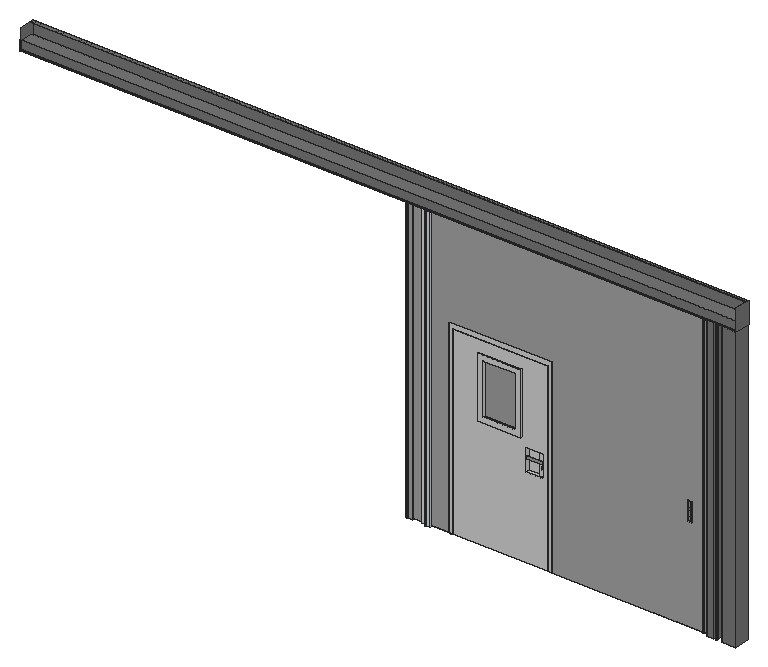
Revit family "SystemSchroeders_1flg.Tor", category Türen, Revit 2018
Family settings
  Basisbauteil = Wand
  OmniClass-Nummer = 23.30.10.00
  OmniClass-Titel = Doors
  Immer vertikal = Ja
  Beim Laden mit Abzugskörper schneiden = Nein
  Gemeinsam genutzt = Nein
  Raumberechnungspunkt = Nein
Parameters (values of type "ST-11")
  mit Sichtfenster = yes
  URL = "https://www.system-schroeders.de/content/de/sicherheitstueren/feuerschutztore-schiebefluegel.html"
  Twall [instance] = 150 mm
  TsileColumn = 1.5 mm
  T22Hang = 5 mm
  Werkstoff Schlupftür = Edelstahl Drehtür
  Werkstoff Schiebetor = Edelstahl Schiebetor
  Werkstoff Griff = Edelstahl
  Rauchschutz = "RS"
  Höhe Griff Schlupftür = 1000 mm
  Höhe Griff Schiebetor = 1100 mm
  Höhe Sichtfenster = 535 mm
  Höhe Schlupftür = 2000 mm
  Höhe Schiebetor = 3000 mm
  Werkstoff Sichtfenster = Glas
  Hersteller = "System Schröders"
  Funktion = Innen
  Frame Projection Ext. = 25 mm
  Frame Projection Int. = 25 mm
  Frame Width = 75 mm
  Höhe = Höhe Schiebetor  # 3000 mm
  Wandabschluss = Nach Basisbauteil
  Feuerschutz = "EI290-Sa-C2"
  Breite = Breite Schiebetor  # 2892 mm
  Werkstoff Rahmen = Edelstahl Rahmen
  Einbauhöhe Sichtfenster = 1500 mm
  Abstand Schlupftür = 1620 mm
  Breite Sichtfenster = 350 mm
  Breite Schlupftür = 1100 mm
  B02R = 1.5 * Breite Schiebetor  # 4338 mm
  Breite Schiebetor = 2892 mm
Types (5, lengths in mm): name | URL | Rauchschutz | Feuerschutz
  (no name) | "https://www.system-schroeders.de/content/de/sicherheitstueren/feuerschutztore-schiebefluegel.html" | "RS" | "EI290-Sa-C2"
  ST-1 | "https://www.system-schroeders.de/content/de/sicherheitstueren/feuerschutztore-schiebefluegel.html" | "RS" | "EI230-Sa-C2"
  ST-11 | "https://www.system-schroeders.de/content/de/sicherheitstueren/feuerschutztore-schiebefluegel.html" | "RS" | "EI290-Sa-C2"
  RST-1 | "https://www.system-schroeders.de/content/de/sicherheitstueren/rauchschutztore-schiebefluegel.html" | "RS" | ""
  MST-1 | "https://www.system-schroeders.de/content/de/sicherheitstueren/mehrzwecktore-schiebefluegel.html" | "" | ""
Reference planes
  plane 1: y = 0
  plane 2 "Center (Left/Right)": x = 0
  plane 3 "Exterior": y = 75
  plane 4 "Interior": y = -75
  plane 5: z = 2000
  plane 6: z = 3000
  plane 7: x = -2892
  plane 8: x = -1620
  plane 9: x = -2720
  plane 10: x = 205
  plane 11: x = -7230
  plane 12: x = -2170
  plane 13: z = 1500
  plane 14: x = -1995
  plane 15: x = -2345
  plane 16: z = 1232.5
  plane 17: z = 1767.5
  plane 18: z = 1000
  plane 19: z = 1000
  plane 20: z = 864
  plane 21: z = 1095
  plane 22: z = 1012
  plane 23: z = 988
  plane 24: z = 188
  plane 25: z = 1.5
Forms (mm)
  Extrusion 1, solid, material "Edelstahl Rahmen" <- "Werkstoff Rahmen"
    sketch origin (0, 0, 0) x (1, 0, 0) y (0, 1, 0)
      loop
        line (205, 75) -> (360, 75) -> (360, 235) -> (190, 235) -> (190, 232) -> (205, 232) -> (205, 75)
      loop
        line (206.5, 233.5) -> (206.5, 76.5) -> (358.5, 76.5) -> (358.5, 233.5) -> (206.5, 233.5)
    from 0 to 3000
  Extrusion 2, solid, material "Edelstahl Rahmen" <- "Werkstoff Rahmen"
    sketch origin (0, 0, 0) x (0, 1, 0) y (0, 0, 1)
      loop
        line (95, 3005) -> (82, 3005) -> (82, 3000) -> (100, 3000) -> (100, 3022.5) -> (80, 3022.5) -> (80, 3099) -> (217, 3099) -> (217, 3022.5) -> (197, 3022.5) -> (197, 3000) -> (215, 3000) -> (215, 3005) -> (202, 3005) -> (202, 3017.5) -> (222, 3017.5) -> (222, 3104) -> (75, 3104) -> (75, 3017.5) -> (95, 3017.5) -> (95, 3005)
    from -7230 to 358.5
  Extrusion 3, solid, material "Edelstahl Rahmen" <- "Werkstoff Rahmen"
    sketch origin (0, 0, 0) x (0, 1, 0) y (0, 0, 1)
      loop
        line (186.617, 3000) -> (186.617, 3007.939) -> (185.117, 3007.939) -> (185.117, 2998.5) -> (235, 2998.5) -> (235, 3223.5) -> (205, 3223.5) -> (205, 3222) -> (233.5, 3222) -> (233.5, 3000) -> (186.617, 3000)
    from -7188 to 190
  Extrusion 4, solid, material "Edelstahl Rahmen" <- "Werkstoff Rahmen"
    sketch origin (0, 0, 0) x (0, 1, 0) y (0, 0, 1)
      loop
        line (233.5, 3222) -> (233.5, 3000) -> (235, 3000) -> (235, 3223.5) -> (205, 3223.5) -> (205, 3222) -> (233.5, 3222)
    from 190 to 360
  Extrusion 5, solid, material "Edelstahl Rahmen" <- "Werkstoff Rahmen"
    sketch origin (0, 0, 0) x (0, 1, 0) y (0, 0, 1)
      loop
        line (205, 3222) -> (233.5, 3222) -> (233.5, 3000) -> (235, 3000) -> (235, 3223.5) -> (205, 3223.5) -> (205, 3222)
    from -7230 to -7188
  Extrusion 6, solid, material "Edelstahl Rahmen" <- "Werkstoff Rahmen"
    sketch origin (0, 0, 0) x (1, 0, 0) y (0, 1, 0)
      loop
        line (360, 75) -> (360, 235) -> (358.5, 235) -> (358.5, 75) -> (360, 75)
      loop
        line (-7231.5, 235) -> (-7231.5, 75) -> (-7230, 75) -> (-7230, 235) -> (-7231.5, 235)
    from 3000 to 3223.5
  Extrusion 7, solid
    sketch origin (-660, 0, 0) x (-1, 0, 0) y (0, -1, 0)
      loop
        line (2232, -87) -> (2233.5, -87) -> (2233.5, -76.5) -> (2275.5, -76.5) -> (2275.5, -97) -> (2327.5, -97) -> (2327.5, -95.5) -> (2277, -95.5) -> (2277, -75) -> (2232, -75) -> (2232, -87)
    from 0 to 3000
  Extrusion 8, solid, material "Edelstahl Schiebetor" <- "Werkstoff Schiebetor"
    sketch origin (0, 0, 0) x (1, 0, 0) y (0, 1, 0)
      loop
        line (0, 185) -> (-3152, 185) -> (-3152, 85) -> (-3082, 85) -> (-3082, 90) -> (-3132, 90) -> (-3132, 109) -> (0, 109) -> (0, 185)
      loop
        line (-1.5, 183.5) -> (-19.5, 183.5) -> (-19.5, 174) -> (-21, 174) -> (-21, 183.5) -> (-3150.5, 183.5) -> (-3150.5, 86.5) -> (-3133.5, 86.5) -> (-3133.5, 110.5) -> (-21, 110.5) -> (-21, 120) -> (-19.5, 120) -> (-19.5, 110.5) -> (-1.5, 110.5) -> (-1.5, 183.5)
    from 0 to 3050
  Extrusion 9, void
    sketch origin (0, 75, 0) x (1, 0, 0) y (0, 0, 1)
      loop
        line (-1620, 2000) -> (-2720, 2000) -> (-2720, 0) -> (-1620, 0) -> (-1620, 2000)
    from -110 to -34
  Sweep 10, solid, material "Edelstahl Drehtür" <- "Werkstoff Schlupftür"
    path origin (0, 75, 0) x (1, 0, 0) y (0, 0, 1)
      loop
        line (-1620, 0) -> (-1620, 2000) -> (-2720, 2000) -> (-2720, 0)
    profile origin (-1620, 75, 1000) x (-1, 0, 0) y (0, -1, 0)
      loop
        line (0, -110) -> (18, -110) -> (18, -95) -> (48, -95) -> (48, -34) -> (0, -34) -> (0, -44) -> (1.5, -44) -> (1.5, -35.5) -> (46.5, -35.5) -> (46.5, -93.5) -> (16.5, -93.5) -> (16.5, -108.5) -> (1.5, -108.5) -> (1.5, -100) -> (0, -100) -> (0, -110)
  Extrusion 11, solid, material "Edelstahl Drehtür" <- "Werkstoff Schlupftür"
    sketch origin (0, 0, 0) x (1, 0, 0) y (0, 1, 0)
      loop
        line (-2687, 170) -> (-2672, 170) -> (-2672, 109) -> (-1668, 109) -> (-1668, 170) -> (-1652.25, 170) -> (-1652.25, 185) -> (-2687, 185) -> (-2687, 170)
    from 0 to 1952
  Extrusion 12, solid, material "Edelstahl Drehtür" <- "Werkstoff Schlupftür"
    sketch origin (0, 75, 0) x (1, 0, 0) y (0, 0, 1)
      loop
        line (-1652.25, 1952) -> (-1652.25, 1967) -> (-2687, 1967) -> (-2687, 1952) -> (-1652.25, 1952)
    from -110 to -95
  Extrusion 13, void
    sketch origin (0, 75, 0) x (1, 0, 0) y (0, 0, 1)
      loop
        line (-1965, 1797.5) -> (-2375, 1797.5) -> (-2375, 1202.5) -> (-1965, 1202.5) -> (-1965, 1797.5)
    from -110 to -34
  Sweep 14, solid, material "Edelstahl Drehtür" <- "Werkstoff Schlupftür", visible <- "mit Sichtfenster"
    path origin (0, 75, 0) x (1, 0, 0) y (0, 0, 1)
      loop
        line (-1965, 1202.5) -> (-1965, 1797.5) -> (-2375, 1797.5) -> (-2375, 1202.5) -> (-1965, 1202.5)
    profile origin (-1965, 75, 1500) x (-1, 0, 0) y (0, -1, 0)
      loop
        line (0, -110) -> (-25, -110) -> (-25, -120) -> (30, -120) -> (30, -95) -> (10, -95) -> (10, -48.703) -> (30, -48.703) -> (30, -24) -> (-25, -24) -> (-25, -34) -> (0, -34) -> (0, -110)
  Extrusion 15, solid, material "Edelstahl" <- "Werkstoff Griff", detail levels fine
    sketch origin (0, 0, 0) x (0, 1, 0) y (0, 0, 1)
      loop
        line (235, 1163.621) -> (190, 1180) -> (190, 1200) -> (185, 1200) -> (185, 1176.499) -> (230, 1160.12) -> (230, 1039.88) -> (185, 1023.501) -> (185, 1000) -> (190, 1000) -> (190, 1020) -> (235, 1036.379) -> (235, 1163.621)
    from -160 to -140
  Sweep 16, solid, material "Edelstahl" <- "Werkstoff Griff", detail levels fine
    path origin (0, 0, 0) x (1, 0, 0) y (0, 1, 0)
      loop
        line (-1740, 185) -> (-1740, 235)
        arc (-1740, 235) -> (-1745.858, 249.142) -> (-1760, 255) r 20
        line (-1760, 255) -> (-1853, 255)
        arc (-1853, 255) -> (-1861.485, 251.485) -> (-1865, 243) r 12
        line (-1865, 243) -> (-1865, 210)
    profile origin (-1740, 210, 0) x (-1, 0, 0) y (0, 0, 1)
      loop
        circle (0, 1000) r 10
  Extrusion 17, solid, material "Edelstahl" <- "Werkstoff Griff", detail levels fine
    sketch origin (0, 75, 0) x (1, 0, 0) y (0, 0, 1)
      loop
        line (-1723, 1040) -> (-1757, 1040)
        arc (-1757, 1040) -> (-1760.536, 1038.536) -> (-1762, 1035) r 5
        line (-1762, 1035) -> (-1762, 905)
        arc (-1762, 905) -> (-1760.536, 901.464) -> (-1757, 900) r 5
        line (-1757, 900) -> (-1723, 900)
        arc (-1723, 900) -> (-1719.464, 901.464) -> (-1718, 905) r 5
        line (-1718, 905) -> (-1718, 1035)
        arc (-1718, 1035) -> (-1719.464, 1038.536) -> (-1723, 1040) r 5
      loop
        line (-1738, 950) -> (-1742, 950) -> (-1742, 925) -> (-1738, 925) -> (-1738, 950)
    from -118.5 to -110
  Extrusion 18, void
    sketch origin (0, 0, 0) x (1, 0, 0) y (0, 1, 0)
      loop
        line (-1710, 109) -> (-1710, 129) -> (-1770, 129) -> (-1770, 151) -> (-1901, 151) -> (-1901, 109) -> (-1710, 109)
    from 864 to 1095
  Extrusion 19, solid, material "Edelstahl" <- "Werkstoff Griff", detail levels fine
    sketch origin (0, 0, 0) x (1, 0, 0) y (0, 1, 0)
      loop
        line (-1760, 129) -> (-1760, 119) -> (-1890, 119) -> (-1890, 114) -> (-1720, 114) -> (-1720, 129) -> (-1760, 129)
    from 988 to 1012
  Extrusion 20, void
    sketch origin (0, -75, 0) x (1, 0, 0) y (0, 0, 1)
      loop
        line (-1742, 950) -> (-1742, 925) -> (-1738, 925) -> (-1738, 950) -> (-1742, 950)
    from -260 to -204
  Extrusion 21, solid, material "Edelstahl" <- "Werkstoff Griff", detail levels fine
    sketch origin (0, 0, 0) x (1, 0, 0) y (0, 1, 0)
      loop
        circle (-2694.5, 177.5) r 6
    from 188 to 364
  Extrusion 22, solid, material "Edelstahl" <- "Werkstoff Griff", detail levels fine
    sketch origin (0, 0, 0) x (1, 0, 0) y (0, 1, 0)
      loop
        circle (-2694.5, 177.5) r 6
    from 1609 to 1785
  Extrusion 23, solid, material "Edelstahl" <- "Werkstoff Griff", detail levels fine
    sketch origin (0, 0, 0) x (1, 0, 0) y (0, 1, 0)
      loop
        circle (-2694.5, 177.5) r 6
    from 1259 to 1435
  Extrusion 24, void
    sketch origin (0, -75, 0) x (1, 0, 0) y (0, 0, 1)
      loop
        line (-140, 1200) -> (-176, 1200) -> (-176, 1000) -> (-140, 1000) -> (-140, 1200)
    from -185.5 to -184
  Extrusion 25, solid, material "Edelstahl" <- "Werkstoff Griff", detail levels fine
    sketch origin (0, -75, 0) x (1, 0, 0) y (0, 0, 1)
      loop
        line (-176, 1200) -> (-176, 1000) -> (-140, 1000) -> (-140, 1200) -> (-176, 1200)
      loop
        line (-177.5, 1201.5) -> (-177.5, 998.5) -> (-138.5, 998.5) -> (-138.5, 1201.5) -> (-177.5, 1201.5)
    from -205.5 to -185.5
  Extrusion 26, solid, material "Edelstahl" <- "Werkstoff Griff", detail levels fine
    sketch origin (0, 0, 0) x (1, 0, 0) y (0, 1, 0)
      loop
        line (-176, 130.5) -> (-176, 129) -> (-140, 129) -> (-140, 130.5) -> (-176, 130.5)
    from 1000 to 1200
  Extrusion 27, solid
    sketch origin (0, 0, 0) x (1, 0, 0) y (0, 1, 0)
      loop
        line (-3150.5, 183.5) -> (-3150.5, 86.5) -> (-3133.5, 86.5) -> (-3133.5, 110.5) -> (-2673.5, 110.5) -> (-2673.5, 168.5) -> (-2703.5, 168.5) -> (-2703.5, 183.5) -> (-3150.5, 183.5)
      loop
        line (-1.5, 183.5) -> (-1636.5, 183.5) -> (-1636.5, 168.5) -> (-1666.5, 168.5) -> (-1666.5, 110.5) -> (-1.5, 110.5) -> (-1.5, 183.5)
    from 0 to 1.5
  Extrusion 28, solid, material "Glas" <- "Werkstoff Sichtfenster", visible <- "mit Sichtfenster"
    sketch origin (0, 75, 0) x (1, 0, 0) y (0, 0, 1)
      loop
        line (-1975, 1787.5) -> (-2365, 1787.5) -> (-2365, 1212.5) -> (-1975, 1212.5) -> (-1975, 1787.5)
    from -95 to -48.703
  Extrusion 29, solid, material "Edelstahl Rahmen" <- "Werkstoff Rahmen"
    sketch origin (0, 0, 0) x (1, 0, 0) y (0, 1, 0)
      loop
        line (63, 101) -> (63, 102.5) -> (47, 102.5) -> (47, 75) -> (122, 75) -> (122, 222) -> (47, 222) -> (47, 194.5) -> (63, 194.5) -> (63, 196) -> (48.5, 196) -> (48.5, 220.5) -> (120.5, 220.5) -> (120.5, 76.5) -> (48.5, 76.5) -> (48.5, 101) -> (63, 101)
    from 0 to 3000
  Extrusion 30, solid, material "Edelstahl Rahmen" <- "Werkstoff Rahmen"
    sketch origin (0, 0, 0) x (1, 0, 0) y (0, 1, 0)
      loop
        line (63, 192) -> (47, 192) -> (47, 233.5) -> (147.5, 233.5) -> (147.5, 75) -> (163.5, 75) -> (163.5, 76.5) -> (149, 76.5) -> (149, 235) -> (45.5, 235) -> (45.5, 190.5) -> (63, 190.5) -> (63, 192)
    from 0 to 3000
Cuts and joins
  joined: Extrusion 3, Extrusion 4, Extrusion 5, Extrusion 6
  Extrusion 9, Extrusion 24 cuts Extrusion 8
  Extrusion 13, Extrusion 18, Extrusion 20 cuts Extrusion 11
  Extrusion 18 cuts Extrusion 12
  joined: Extrusion 11, Extrusion 12
  joined: Sweep 16, Extrusion 17
Lines and regions (mm)
  Opening 1
    outline origin (-5000, -75, 0) x (1, 0, 0) y (0, 0, 1)
      loop
        line (5000, 3000) -> (2108, 3000) -> (2108, 0) -> (5000, 0) -> (5000, 3000)
Text (mm)
  text "Exterior" at (-2295.016, 1099.543, 0), in view "Ref. Level"
  text "Exterior" at (0, 1615.38, 3698.081), in view "Left"
  text "Exterior" at (0, 1036.032, 3874.932), in view "Right"
Dimensions and locks
  locked: plane 3 "Exterior" to host wall at 0
  locked: plane 4 "Interior" to host wall
  "Höhe Schlupftür": level to plane 5
  "Höhe Schiebetor": level to plane 6
  "Breite Schiebetor": plane 2 "Center (Left/Right)" to plane 7
  "Breite Schlupftür": plane 9 to plane 8
  "Abstand Schlupftür": plane 8 to plane 2 "Center (Left/Right)"
  locked: plane 2 "Center (Left/Right)" to plane 10 at 205
  locked: Extrusion 1 sketch curve to Extrusion 1 sketch curve at 160
  locked: Extrusion 1 sketch curve to Extrusion 1 sketch curve at 155
  "TsileColumn": Extrusion 1 sketch curve to Extrusion 1 sketch curve  (x4)
  equal spacing: Extrusion 1 sketch curve, Extrusion 1 sketch curve, Extrusion 1 sketch curve
  locked: Extrusion 1 sketch curve to Extrusion 1 sketch curve at 15
  locked: Extrusion 2 sketch curve to Extrusion 2 sketch curve at 147
  locked: Extrusion 2 sketch curve to plane 6 at 104
  "T22Hang": Extrusion 2 sketch curve to Extrusion 2 sketch curve  (x9)
  locked: Extrusion 2 sketch curve to Extrusion 2 sketch curve at 25  (x2)
  locked: Extrusion 2 sketch curve to Extrusion 2 sketch curve at 18  (x2)
  locked: Extrusion 2 sketch curve to Extrusion 2 sketch curve at 22.5
  "TsileColumn": Extrusion 3 sketch curve to Extrusion 3 sketch curve  (x4)
  locked: Extrusion 3 sketch curve to Extrusion 3 sketch curve at 30
  locked: Extrusion 3 sketch curve to Extrusion 3 sketch curve at 225
  "TsileColumn": Extrusion 7 sketch curve to Extrusion 7 sketch curve  (x4)
  locked: Extrusion 7 sketch curve to Extrusion 7 sketch curve at 45
  locked: Extrusion 7 sketch curve to Extrusion 7 sketch curve at 52
  locked: Extrusion 7 sketch curve to Extrusion 7 sketch curve at 22
  locked: Extrusion 8 sketch curve to Extrusion 8 sketch curve at 20
  Extrusion 8 sketch curve to Extrusion 8 sketch curve = 100 mm
  locked: Extrusion 8 sketch curve to Extrusion 8 sketch curve at 5
  locked: Extrusion 8 sketch curve to Extrusion 8 sketch curve at 50
  locked: Extrusion 8 sketch curve to plane 7 at 240
  "TsileColumn": Extrusion 8 sketch curve to Extrusion 8 sketch curve  (x8)
  locked: Sweep 10 sketch curve to profile plane at 18
  locked: Sweep 10 sketch curve to Sweep 10 sketch curve at 30
  Sweep 10 sketch curve to Sweep 10 sketch curve = 15 mm
  locked: Sweep 10 sketch curve to Sweep 10 sketch curve at 10
  Sweep 10 sketch curve to Sweep 10 sketch curve = 10 mm
  "TsileColumn": Sweep 10 sketch curve to Sweep 10 sketch curve  (x7)
  equal spacing: Extrusion 11, Extrusion 12 sketch curve, Sweep 10
  equal spacing: plane 9, plane 12, plane 8
  equal spacing: plane 15, plane 12, plane 14
  "Breite Sichtfenster": plane 15 to plane 14
  locked: plane 14 to Extrusion 13 sketch curve at 30
  locked: Extrusion 13 sketch curve to plane 15 at 30
  locked: Sweep 14 sketch curve to cut or joined group of Extrusion 8, Extrusion 9, Extrusion 24 at 10  (x2)
  locked: Sweep 14 sketch curve to Sweep 14 sketch curve at 25
  locked: Sweep 14 sketch curve to Sweep 14 sketch curve at 24.703
  locked: cut or joined group of Extrusion 11, Extrusion 12, Extrusion 13, Extrusion 18, Extrusion 20 to Sweep 14 sketch curve at 25  (x2)
  locked: Sweep 14 sketch curve to cut or joined group of Extrusion 11, Extrusion 12, Extrusion 13, Extrusion 18, Extrusion 20 at 30  (x2)
  locked: Sweep 14 sketch curve to cut or joined group of Extrusion 11, Extrusion 12, Extrusion 13, Extrusion 18, Extrusion 20 at 10
  locked: plane 2 "Center (Left/Right)" to Extrusion 15 at 140
  locked: Extrusion 15 to Extrusion 15 at 20
  locked: Sweep 16 sketch curve to Sweep 16 sketch curve at 45
  locked: Sweep 16 sketch curve to cut or joined group of Extrusion 8, Extrusion 9, Extrusion 24 at 70
  locked: Sweep 16 sketch curve to Sweep 16 sketch curve at 125
  locked: Sweep 16 sketch curve to plane 8 at 120
  locked: Extrusion 17 sketch curve to plane 8 at 98
  locked: Extrusion 17 sketch curve to Extrusion 17 sketch curve at 44
  locked: Sweep 16 to Extrusion 17 sketch curve at 40
  locked: Extrusion 17 sketch curve to Sweep 16 at 100
  locked: Extrusion 17 sketch curve to Extrusion 17 sketch curve at 20  (x2)
  locked: Extrusion 17 sketch curve to Extrusion 17 sketch curve at 25  (x2)
  locked: Extrusion 17 to cut or joined group of Extrusion 8, Extrusion 9, Extrusion 24 at 8.5
  locked: Extrusion 18 sketch curve to plane 8 at 90
  locked: Extrusion 18 sketch curve to Extrusion 18 sketch curve at 20
  locked: Extrusion 18 sketch curve to Extrusion 18 sketch curve at 60
  locked: Extrusion 18 sketch curve to Extrusion 18 sketch curve at 22
  locked: Extrusion 18 sketch curve to Extrusion 18 sketch curve at 191
  "Höhe Griff Schlupftür": level to plane 19
  locked: plane 20 to plane 19 at 136
  locked: plane 19 to plane 21 at 95
  locked: cut or joined group of Extrusion 11, Extrusion 12, Extrusion 13, Extrusion 18, Extrusion 20 to Extrusion 19 sketch curve at 10
  locked: Extrusion 19 sketch curve to cut or joined group of Extrusion 11, Extrusion 12, Extrusion 13, Extrusion 18, Extrusion 20 at 10
  locked: Extrusion 19 sketch curve to Extrusion 19 sketch curve at 5
  locked: Extrusion 19 sketch curve to Extrusion 19 sketch curve at 10
  locked: Extrusion 19 sketch curve to Extrusion 19 sketch curve at 130
  plane 22 to plane 19 to plane 23 = 12 mm locked, 12 mm locked
  equal spacing: cut or joined group of Extrusion 8, Extrusion 9, Extrusion 24, Extrusion 21 sketch curve, Sweep 10
  locked: Extrusion 21 sketch curve to cut or joined group of Extrusion 11, Extrusion 12, Extrusion 13, Extrusion 18, Extrusion 20 at 7.5
  locked: level to plane 24 at 188
  locked: Extrusion 21 to Extrusion 21 at 176
  locked: Extrusion 22 to Extrusion 22 at 176
  locked: Extrusion 22 to plane 5 at 215
  locked: Extrusion 22 sketch curve to cut or joined group of Extrusion 11, Extrusion 12, Extrusion 13, Extrusion 18, Extrusion 20 at 7.5
  equal spacing: cut or joined group of Extrusion 8, Extrusion 9, Extrusion 24, Extrusion 22 sketch curve, Sweep 10
  locked: Extrusion 23 to Extrusion 23 at 176
  locked: Extrusion 23 to Extrusion 22 at 174
  equal spacing: cut or joined group of Extrusion 8, Extrusion 9, Extrusion 24, Extrusion 23 sketch curve, Sweep 10
  locked: Extrusion 23 sketch curve to cut or joined group of Extrusion 11, Extrusion 12, Extrusion 13, Extrusion 18, Extrusion 20 at 7.5
  locked: Extrusion 24 sketch curve to Extrusion 24 sketch curve at 36
  "TsileColumn": Extrusion 24 to Extrusion 25 sketch curve
  "TsileColumn": Extrusion 25 sketch curve to Extrusion 25 sketch curve  (x2)
  "TsileColumn": Extrusion 25 sketch curve to Extrusion 15
  "TsileColumn": Extrusion 25 to Extrusion 26 sketch curve
  "TsileColumn": level to plane 25
  "Twall": host wall to host wall
  equal spacing: plane 16, plane 13, plane 17
  "Einbauhöhe Sichtfenster": level to plane 13
  locked: plane 17 to Extrusion 13 sketch curve at 30
  locked: Extrusion 13 sketch curve to plane 16 at 30
  "Höhe Sichtfenster": plane 16 to plane 17
  "B02R": plane 11 to plane 7
  plane 2 "Center (Left/Right)" to Extrusion 29 sketch curve = 47 mm
  "TsileColumn": Extrusion 29 sketch curve to Extrusion 29 sketch curve  (x7)
  locked: Extrusion 29 sketch curve to Extrusion 29 sketch curve at 16
  locked: Extrusion 29 sketch curve to Extrusion 29 sketch curve at 75
  locked: Extrusion 29 sketch curve to Extrusion 29 sketch curve at 27.5  (x2)
  locked: Extrusion 29 sketch curve to Extrusion 29 sketch curve at 147
  "TsileColumn": Extrusion 30 sketch curve to Extrusion 30 sketch curve  (x5)
  locked: Extrusion 30 sketch curve to Extrusion 30 sketch curve at 16  (x2)
  locked: Extrusion 30 sketch curve to Extrusion 29 at 2.5
  locked: Extrusion 29 to Extrusion 30 sketch curve at 27
  locked: cut or joined group of Extrusion 3, Extrusion 4, Extrusion 5, Extrusion 6 to plane 11 at 42
  cut or joined group of Extrusion 3, Extrusion 4, Extrusion 5, Extrusion 6 to plane 11 = 1.5 mm
  "TsileColumn": Extrusion 6 sketch curve to plane 11
  locked: Extrusion 6 sketch curve to Extrusion 6 sketch curve at 160
  locked: Extrusion 8 sketch curve to Extrusion 8 sketch curve at 9.5
  locked: cut or joined group of Extrusion 3, Extrusion 4, Extrusion 5, Extrusion 6 to cut or joined group of Extrusion 8, Extrusion 9, Extrusion 24 at 50
  locked: cut or joined group of Extrusion 3, Extrusion 4, Extrusion 5, Extrusion 6 to Extrusion 2
  locked: cut or joined group of Extrusion 3, Extrusion 4, Extrusion 5, Extrusion 6 to Extrusion 2 at 0
  locked: cut or joined group of Extrusion 3, Extrusion 4, Extrusion 5, Extrusion 6 to cut or joined group of Extrusion 3, Extrusion 4, Extrusion 5, Extrusion 6
  locked: Extrusion 25 to Extrusion 25 at 20
  radius of Sweep 16 sketch curve = 12 mm
  radius of Sweep 16 sketch curve = 20 mm
  radius of Sweep 16 sketch curve = 10 mm
  radius of Extrusion 17 sketch curve = 5 mm  (x4)
  radius of Extrusion 21 sketch curve = 6 mm
  radius of Extrusion 22 sketch curve = 6 mm
  radius of Extrusion 23 sketch curve = 6 mm
  aligned and locked: host wall to plane 1
  aligned and locked: plane 6 to Opening 1 sketch curve
  aligned and locked: Opening 1 sketch curve to level
  aligned and locked: plane 7 to Opening 1 sketch curve
  aligned and locked: plane 10 to Extrusion 1 sketch curve
  aligned and locked: Extrusion 1 sketch curve to host wall
  aligned and locked: host wall to Extrusion 1
  aligned and locked: Extrusion 1 to level
  aligned and locked: Extrusion 2 sketch curve to host wall
  aligned and locked: Extrusion 2 sketch curve to Extrusion 2 sketch curve  (x2)
  aligned and locked: Extrusion 2 sketch curve to plane 6
  aligned and locked: plane 6 to Extrusion 3 sketch curve
  aligned and locked: Extrusion 3 to Extrusion 1
  aligned and locked: Extrusion 2 to Extrusion 1
  aligned and locked: Extrusion 4 sketch curve to Extrusion 3  (x3)
  aligned and locked: Extrusion 3 to Extrusion 4 sketch curve  (x2)
  aligned and locked: Extrusion 4 to Extrusion 1
  aligned and locked: Extrusion 1 to Extrusion 4
  aligned and locked: Extrusion 6 sketch curve to Extrusion 1  (x3)
  aligned and locked: host wall to Extrusion 6 sketch curve
  aligned and locked: Extrusion 6 to plane 6
  aligned and locked: plane 6 to Extrusion 5 sketch curve
  aligned and locked: plane 6 to Extrusion 4 sketch curve
  aligned and locked: Extrusion 7 to plane 7
  aligned and locked: Extrusion 7 to plane 3 "Exterior"
  aligned and locked: plane 6 to Extrusion 7
  aligned and locked: Extrusion 7 to level
  aligned and locked: plane 2 "Center (Left/Right)" to Extrusion 8 sketch curve
  aligned and locked: Extrusion 8 to level
  aligned and locked: plane 8 to Extrusion 9 sketch curve
  aligned and locked: Extrusion 9 sketch curve to plane 5
  aligned and locked: Extrusion 9 sketch curve to plane 9
  aligned and locked: level to Extrusion 9 sketch curve
  aligned and locked: Extrusion 8 to Extrusion 9  (x2)
  aligned and locked: plane 8 to Sweep 10 sketch curve
  aligned and locked: Sweep 10 sketch curve to plane 5
  aligned and locked: Sweep 10 sketch curve to plane 9
  aligned and locked: cut or joined group of Extrusion 8, Extrusion 9, Extrusion 24 to Sweep 10 sketch curve  (x4)
  aligned and locked: profile plane to plane 8
  aligned and locked: Sweep 10 sketch curve to plane 8
  aligned and locked: Sweep 10 to Extrusion 11 sketch curve  (x3)
  aligned and locked: Extrusion 11 sketch curve to Sweep 10  (x2)
  aligned and locked: Extrusion 11 to level
  aligned and locked: Extrusion 11 to Sweep 10
  aligned and locked: Extrusion 12 sketch curve to Extrusion 11  (x2)
  aligned and locked: Extrusion 11 to Extrusion 12 sketch curve
  aligned and locked: Extrusion 12 to Extrusion 11
  aligned and locked: cut or joined group of Extrusion 8, Extrusion 9, Extrusion 24 to Extrusion 12
  aligned and locked: cut or joined group of Extrusion 8, Extrusion 9, Extrusion 24 to Extrusion 13  (x2)
  aligned and locked: Sweep 14 sketch curve to cut or joined group of Extrusion 11, Extrusion 12, Extrusion 13, Extrusion 18, Extrusion 20  (x5)
  aligned and locked: Sweep 14 sketch curve to cut or joined group of Extrusion 8, Extrusion 9, Extrusion 24  (x2)
  aligned and locked: cut or joined group of Extrusion 8, Extrusion 9, Extrusion 24 to Sweep 16 sketch curve
  aligned and locked: Sweep 16 sketch curve to plane 18
  aligned and locked: profile plane to Sweep 16 sketch curve
  aligned and locked: Extrusion 17 to cut or joined group of Extrusion 8, Extrusion 9, Extrusion 24
  aligned and locked: cut or joined group of Extrusion 8, Extrusion 9, Extrusion 24 to Extrusion 18 sketch curve
  aligned and locked: plane 20 to Extrusion 18
  aligned and locked: cut or joined group of Extrusion 11, Extrusion 12, Extrusion 13, Extrusion 18, Extrusion 20 to plane 21
  aligned and locked: cut or joined group of Extrusion 11, Extrusion 12, Extrusion 13, Extrusion 18, Extrusion 20 to Extrusion 19 sketch curve
  aligned and locked: plane 22 to Extrusion 19
  aligned and locked: Extrusion 19 to plane 23
  aligned and locked: Extrusion 20 sketch curve to cut or joined group of Sweep 16, Extrusion 17  (x4)
  aligned and locked: Extrusion 20 to cut or joined group of Extrusion 11, Extrusion 12, Extrusion 13, Extrusion 18, Extrusion 20
  aligned and locked: cut or joined group of Extrusion 8, Extrusion 9, Extrusion 24 to Extrusion 20
  aligned and locked: plane 24 to Extrusion 21
  aligned and locked: Extrusion 24 sketch curve to Extrusion 15  (x3)
  aligned and locked: cut or joined group of Extrusion 8, Extrusion 9, Extrusion 24 to Extrusion 24  (x2)
  aligned and locked: Extrusion 25 sketch curve to Extrusion 24  (x3)
  aligned and locked: Extrusion 25 sketch curve to Extrusion 15
  aligned and locked: Extrusion 25 to cut or joined group of Extrusion 8, Extrusion 9, Extrusion 24
  aligned and locked: Extrusion 26 sketch curve to Extrusion 25
  aligned and locked: Extrusion 25 to Extrusion 26 sketch curve  (x2)
  aligned and locked: Extrusion 26 to Extrusion 24  (x2)
  aligned and locked: Extrusion 27 sketch curve to cut or joined group of Extrusion 8, Extrusion 9, Extrusion 24  (x5)
  aligned and locked: cut or joined group of Extrusion 8, Extrusion 9, Extrusion 24 to Extrusion 27 sketch curve
  aligned and locked: Extrusion 27 to level
  aligned and locked: Extrusion 27 to plane 25
  aligned and locked: Extrusion 27 sketch curve to Sweep 10  (x5)
  aligned and locked: Sweep 10 to Extrusion 27 sketch curve
  aligned and locked: plane 18 to plane 19
  aligned and locked: nested 1 to plane 3 "Exterior"
  aligned and locked: Extrusion 28 sketch curve to Sweep 14  (x4)
  aligned and locked: Extrusion 28 to Sweep 14  (x2)
  aligned and locked: host wall to nested 2
  aligned and locked: nested 2 to level
  aligned and locked: Opening 1 sketch curve to plane 2 "Center (Left/Right)"
  aligned and locked: nested 1 to plane 7
  aligned and locked: Extrusion 29 sketch curve to Extrusion 29 sketch curve
  aligned and locked: Extrusion 29 to level
  aligned and locked: plane 6 to Extrusion 29
  aligned and locked: Extrusion 30 sketch curve to Extrusion 29
  aligned and locked: Extrusion 30 sketch curve to Extrusion 1
  aligned and locked: Extrusion 30 sketch curve to plane 3 "Exterior"
  aligned and locked: Extrusion 30 to level
  aligned and locked: plane 6 to Extrusion 30
  aligned and locked: plane 11 to Extrusion 2
  aligned and locked: plane 11 to Extrusion 5
  aligned and locked: Extrusion 3 to cut or joined group of Extrusion 3, Extrusion 4, Extrusion 5, Extrusion 6
  aligned and locked: Extrusion 6 sketch curve to plane 11
  aligned and locked: Extrusion 6 sketch curve to host wall
  aligned and locked: Extrusion 8 sketch curve to Extrusion 8 sketch curve
Automatic sketch dimensions
  Extrusion 3 sketch curve to Extrusion 3 sketch curve = 46.883 mm
  plane 6 to Extrusion 3 sketch curve = 7.939 mm
  Extrusion 7 sketch curve to plane 7 = 0 mm
  Extrusion 7 sketch curve to host wall = 0 mm
  Extrusion 7 sketch curve to Extrusion 7 sketch curve = 10.5 mm
  Sweep 10 sketch curve to profile plane = 0 mm
  Extrusion 11 sketch curve to Extrusion 11 sketch curve = 15 mm  (x2)
  Extrusion 11 sketch curve to Extrusion 11 sketch curve = 15.75 mm
  Extrusion 27 sketch curve to Extrusion 27 sketch curve = 15 mm
  Extrusion 27 sketch curve to Extrusion 27 sketch curve = 24 mm
  Extrusion 15 sketch curve to plane 19 = 0 mm
  host wall to Extrusion 15 sketch curve = 110 mm  (x2)
  plane 22 to Extrusion 15 sketch curve = 11.501 mm
  Extrusion 15 sketch curve to Extrusion 15 sketch curve = 5 mm  (x3)
  Extrusion 15 sketch curve to Extrusion 15 sketch curve = 40 mm
  plane 21 to Extrusion 15 sketch curve = 68.621 mm
  Extrusion 15 sketch curve to Extrusion 15 sketch curve = 3.501 mm  (x4)
  plane 22 to Extrusion 15 sketch curve = 24.379 mm
  Extrusion 15 sketch curve to Extrusion 15 sketch curve = 16.379 mm
  Extrusion 15 sketch curve to Extrusion 15 sketch curve = 20 mm
  Extrusion 29 sketch curve to host wall = 0 mm
  Extrusion 29 sketch curve to Extrusion 29 sketch curve = 73.5 mm
  host wall to Extrusion 3 sketch curve = 110.117 mm
  host wall to Extrusion 5 sketch curve = 130 mm
  Extrusion 5 sketch curve to Extrusion 5 sketch curve = 28.5 mm
  Extrusion 5 sketch curve to Extrusion 5 sketch curve = 1.5 mm  (x2)
  plane 6 to Extrusion 5 sketch curve = 222 mm
  Extrusion 8 sketch curve to Extrusion 8 sketch curve = 1.5 mm
  host wall to Extrusion 8 sketch curve = 15 mm
  Extrusion 8 sketch curve to Extrusion 8 sketch curve = 0 mm
  Extrusion 8 sketch curve to Extrusion 8 sketch curve = 9.5 mm
  Extrusion 8 sketch curve to Extrusion 8 sketch curve = 19.5 mm
  host wall to Extrusion 8 sketch curve = 34 mm
Nested families
  nested 1: "OpenSymbol" at (-1446, 0, 0), B <- "Breite", T <- "Twall", type "OpenSymbol"
    with Wand maskieren yes, Verdeckte Linien yes, T 150 mm, Linien ausgezogen yes, Füllungssymbol yes, B 2892 mm
  nested 2: "OpenSymbol" at (0, 0, 1500) x (0, -1, 0) z (1, 0, 0), B <- "Twall", T <- "Höhe", type "OpenSymbol"
    with Wand maskieren yes, Verdeckte Linien yes, T 3000 mm, Linien ausgezogen yes, Füllungssymbol yes, B 150 mm
Definition of nested family "OpenSymbol"
  Parameters (values of type "OpenSymbol")
    B [instance] = 200 mm
    Wand maskieren [instance] = yes
    Linien ausgezogen [instance] = yes
    Verdeckte Linien [instance] = yes
    Füllungssymbol [instance] = yes
    T [instance] = 100 mm
  Reference planes
    plane 1 "Mitte ( Vorne/hinten)": y = 0
    plane 2: z = 0
    plane 3 "Mitte (Links/rechts)": x = 0
    plane 4: y = 50
    plane 5: x = -100
    plane 6: x = 100
    plane 7: y = -50
  Lines and regions (mm)
    Masking region 1, in view "Ref.-Ebene", visible <- "Wand maskieren"
      outline origin (0, 0, 0) x (1, 0, 0) y (0, 1, 0)
        loop
          line (-100, -50) -> (0, 0) -> (-100, 50) -> (-100, -50)
    Masking region 2, in view "Ref.-Ebene", visible <- "Wand maskieren"
      outline origin (0, 0, 0) x (0, 1, 0) y (-1, 0, 0)
        loop
          line (-50, -100) -> (50, -100) -> (0, 0) -> (-50, -100)
    Masking region 3, in view "Ref.-Ebene", visible <- "Wand maskieren"
      outline origin (0, 0, 0) x (1, 0, 0) y (0, 1, 0)
        loop
          line (-100, 50) -> (0, 0) -> (100, 50) -> (-100, 50)
    Masking region 4, in view "Ref.-Ebene", visible <- "Wand maskieren"
      outline origin (0, 0, 0) x (0, -1, 0) y (1, 0, 0)
        loop
          line (50, -100) -> (50, 100) -> (0, 0) -> (50, -100)
    detail lines, in view "Ref.-Ebene", visible <- "Linien ausgezogen"
      curve 1: line (-100, 50, 0) -> (100, 50, 0)
      curve 2: line (-100, -50, 0) -> (-100, 50, 0)
      curve 3: line (100, -50, 0) -> (-100, -50, 0)
      curve 4: line (100, 50, 0) -> (100, -50, 0)
      curve 5: line (-100, -50, 0) -> (100, 50, 0)
      curve 6: line (-100, 50, 0) -> (100, -50, 0)
    detail lines, in view "Ref.-Ebene", visible <- "Verdeckte Linien"
      curve 7: line (-100, 50, 0) -> (100, 50, 0)
      curve 8: line (-100, -50, 0) -> (-100, 50, 0)
      curve 9: line (100, -50, 0) -> (-100, -50, 0)
      curve 10: line (100, 50, 0) -> (100, -50, 0)
      curve 11: line (-100, 50, 0) -> (100, -50, 0)
      curve 12: line (-100, -50, 0) -> (100, 50, 0)
  Dimensions and locks
    equal spacing: plane 5, plane 3 "Mitte (Links/rechts)", plane 6
    equal spacing: plane 4, plane 1 "Mitte ( Vorne/hinten)", plane 7
    "B": plane 5 to plane 6
    "T": plane 4 to plane 7
    aligned and locked: curve 1 to plane 4
    aligned and locked: curve 3 to plane 7
    aligned and locked: Masking region 1 sketch curve to curve 2
    aligned and locked: Masking region 1 sketch curve to curve 6
    aligned and locked: Masking region 1 sketch curve to curve 5
    aligned and locked: Masking region 2 sketch curve to plane 6
    aligned and locked: Masking region 2 sketch curve to curve 5
    aligned and locked: Masking region 2 sketch curve to curve 6
    aligned and locked: Masking region 3 sketch curve to curve 1
    aligned and locked: Masking region 3 sketch curve to curve 6
    aligned and locked: curve 5 to Masking region 3 sketch curve
    aligned and locked: plane 7 to Masking region 4 sketch curve
    aligned and locked: curve 6 to Masking region 4 sketch curve
    aligned and locked: Masking region 4 sketch curve to curve 5
    aligned and locked: plane 6 to curve 10
    aligned and locked: plane 5 to curve 8
